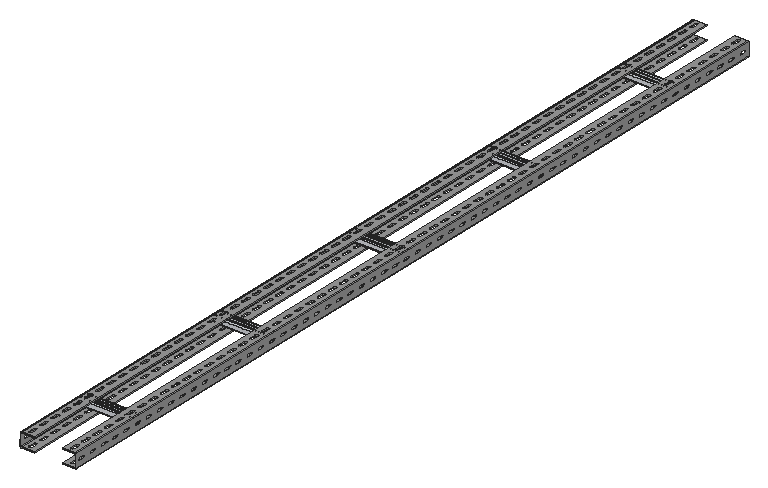
Revit family "steigeleiter_2_FT_FTSO_FTK_A2_A4.200rfa", category Generic Models, Revit 2017 (continued)
Dimensions and locks
  locked: Extrusion 318 sketch curve to Extrusion 318 sketch curve at 11
  locked: Extrusion 319 sketch curve to Extrusion 319 sketch curve at 11
  locked: Extrusion 320 sketch curve to Extrusion 320 sketch curve at 11
  locked: Extrusion 321 sketch curve to Extrusion 321 sketch curve at 11
  locked: Extrusion 322 sketch curve to Extrusion 322 sketch curve at 11
  locked: Extrusion 323 sketch curve to Extrusion 323 sketch curve at 11
  locked: Extrusion 324 sketch curve to Extrusion 324 sketch curve at 11
  locked: Extrusion 325 sketch curve to Extrusion 325 sketch curve at 11
  locked: Extrusion 326 sketch curve to Extrusion 326 sketch curve at 11
  locked: Extrusion 327 sketch curve to Extrusion 327 sketch curve at 11
  locked: Extrusion 328 sketch curve to Extrusion 328 sketch curve at 11
  locked: Extrusion 329 sketch curve to Extrusion 329 sketch curve at 11
  locked: Extrusion 330 sketch curve to Extrusion 330 sketch curve at 11
  locked: Extrusion 331 sketch curve to Extrusion 331 sketch curve at 11
  locked: Extrusion 332 sketch curve to Extrusion 332 sketch curve at 11
  locked: Extrusion 333 sketch curve to Extrusion 333 sketch curve at 11
  locked: Extrusion 334 sketch curve to Extrusion 334 sketch curve at 11
  locked: Extrusion 335 sketch curve to Extrusion 335 sketch curve at 11
  locked: Extrusion 336 sketch curve to Extrusion 336 sketch curve at 11
  locked: Extrusion 337 sketch curve to Extrusion 337 sketch curve at 11
  locked: Extrusion 338 sketch curve to Extrusion 338 sketch curve at 11
  locked: Extrusion 339 sketch curve to Extrusion 339 sketch curve at 11
  locked: Extrusion 340 sketch curve to Extrusion 340 sketch curve at 11
  locked: Extrusion 341 sketch curve to Extrusion 341 sketch curve at 11
  locked: Extrusion 342 sketch curve to Extrusion 342 sketch curve at 11
  locked: Extrusion 343 sketch curve to Extrusion 343 sketch curve at 11
  locked: Extrusion 344 sketch curve to Extrusion 344 sketch curve at 11
  locked: Extrusion 345 sketch curve to Extrusion 345 sketch curve at 11
  locked: Extrusion 346 sketch curve to Extrusion 346 sketch curve at 11
  locked: Extrusion 347 sketch curve to Extrusion 347 sketch curve at 11
  locked: Extrusion 348 sketch curve to Extrusion 348 sketch curve at 11
  locked: Extrusion 349 sketch curve to Extrusion 349 sketch curve at 11
  locked: Extrusion 350 sketch curve to Extrusion 350 sketch curve at 11
  locked: Extrusion 351 sketch curve to Extrusion 351 sketch curve at 11
  locked: Extrusion 352 sketch curve to Extrusion 352 sketch curve at 11
  locked: Extrusion 353 sketch curve to Extrusion 353 sketch curve at 11
  locked: Extrusion 354 sketch curve to Extrusion 354 sketch curve at 11
  locked: Extrusion 355 sketch curve to Extrusion 355 sketch curve at 11
  locked: Extrusion 356 sketch curve to Extrusion 356 sketch curve at 11
  locked: Extrusion 357 sketch curve to Extrusion 357 sketch curve at 11
  locked: Extrusion 358 sketch curve to Extrusion 358 sketch curve at 11
  locked: Extrusion 359 sketch curve to Extrusion 359 sketch curve at 11
  locked: Extrusion 360 sketch curve to Extrusion 360 sketch curve at 11
  locked: Extrusion 361 sketch curve to Extrusion 361 sketch curve at 11
  "Length 2": plane 1 "Center (Front/Back)" to plane 6
  locked: Extrusion 362 sketch curve to Extrusion 362 sketch curve at 2  (x5)
  locked: Extrusion 362 sketch curve to Extrusion 362 sketch curve at 36
  locked: Extrusion 362 to plane 6 at 9
  locked: plane 6 to Extrusion 362 at 9
  locked: Extrusion 362 sketch curve to Extrusion 362 sketch curve at 7  (x2)
  locked: Extrusion 363 sketch curve to Extrusion 363 sketch curve at 2  (x5)
  locked: Extrusion 363 sketch curve to Extrusion 363 sketch curve at 36
  locked: Extrusion 363 sketch curve to Extrusion 363 sketch curve at 7  (x2)
  equal spacing: group 361, group 362, group 363, group 364, group 365  (x3)
  locked: Extrusion 364 sketch curve to Extrusion 364 sketch curve at 2  (x5)
  locked: Extrusion 364 sketch curve to Extrusion 364 sketch curve at 36
  locked: Extrusion 364 sketch curve to Extrusion 364 sketch curve at 7  (x2)
  locked: Extrusion 365 sketch curve to Extrusion 365 sketch curve at 2  (x5)
  locked: Extrusion 365 sketch curve to Extrusion 365 sketch curve at 36
  locked: Extrusion 365 sketch curve to Extrusion 365 sketch curve at 7  (x2)
  locked: Extrusion 366 sketch curve to Extrusion 366 sketch curve at 2  (x5)
  locked: Extrusion 366 sketch curve to Extrusion 366 sketch curve at 36
  locked: Extrusion 366 sketch curve to Extrusion 366 sketch curve at 7  (x2)
  aligned and locked: level to plane 2
  aligned and locked: Extrusion 1 sketch curve to level
  aligned and locked: level to Extrusion 1 sketch curve
  aligned and locked: Extrusion 182 to level
  aligned and locked: Extrusion 242 to level
  aligned and locked: cut or joined group 1 (Extrusion 1, Extrusion 2, Extrusion 3, Extrusion 4, Extrusion 5, Extrusion 6, Extrusion 7, Extrusion 8, Extrusion 9, Extrusion 10, Extrusion 11, Extrusion 12, Extrusion 13, Extrusion 14, Extrusion 15, Extrusion 16, Extrusion 17, Extrusion 18, Extrusion 19, Extrusion 20, Extrusion 21, Extrusion 22, Extrusion 23, Extrusion 24, Extrusion 25, Extrusion 26, Extrusion 27, Extrusion 28, Extrusion 29, Extrusion 30, Extrusion 31, Extrusion 32, Extrusion 33, Extrusion 34, Extrusion 35, Extrusion 36, Extrusion 37, Extrusion 38, Extrusion 39, Extrusion 40, Extrusion 41, Extrusion 42, Extrusion 43, Extrusion 44, Extrusion 45, Extrusion 46, Extrusion 47, Extrusion 48, Extrusion 49, Extrusion 50, Extrusion 51, Extrusion 52, Extrusion 53, Extrusion 54, Extrusion 55, Extrusion 56, Extrusion 57, Extrusion 58, Extrusion 59, Extrusion 60, Extrusion 61, Extrusion 62, Extrusion 63, Extrusion 64, Extrusion 65, Extrusion 66, Extrusion 67, Extrusion 68, Extrusion 69, Extrusion 70, Extrusion 71, Extrusion 72, Extrusion 73, Extrusion 74, Extrusion 75, Extrusion 76, Extrusion 77, Extrusion 78, Extrusion 79, Extrusion 80, Extrusion 81, Extrusion 82, Extrusion 83, Extrusion 84, Extrusion 85, Extrusion 86, Extrusion 87, Extrusion 88, Extrusion 89, Extrusion 90, Extrusion 91, Extrusion 92, Extrusion 93, Extrusion 94, Extrusion 95, Extrusion 96, Extrusion 97, Extrusion 98, Extrusion 99, Extrusion 100, Extrusion 101, Extrusion 102, Extrusion 103, Extrusion 104, Extrusion 105, Extrusion 106, Extrusion 107, Extrusion 108, Extrusion 109, Extrusion 110, Extrusion 111, Extrusion 112, Extrusion 113, Extrusion 114, Extrusion 115, Extrusion 116, Extrusion 117, Extrusion 118, Extrusion 119, Extrusion 120, Extrusion 121, Extrusion 122, Extrusion 123, Extrusion 124, Extrusion 125, Extrusion 126, Extrusion 127, Extrusion 128, Extrusion 129, Extrusion 130, Extrusion 131, Extrusion 132, Extrusion 133, Extrusion 134, Extrusion 135, Extrusion 136, Extrusion 137, Extrusion 138, Extrusion 139, Extrusion 140, Extrusion 141, Extrusion 142, Extrusion 143, Extrusion 144, Extrusion 145, Extrusion 146, Extrusion 147, Extrusion 148, Extrusion 149, Extrusion 150, Extrusion 151, Extrusion 152, Extrusion 153, Extrusion 154, Extrusion 155, Extrusion 156, Extrusion 157, Extrusion 158, Extrusion 159, Extrusion 160, Extrusion 161, Extrusion 162, Extrusion 163, Extrusion 164, Extrusion 165, Extrusion 166, Extrusion 167, Extrusion 168, Extrusion 169, Extrusion 170, Extrusion 171, Extrusion 172, Extrusion 173, Extrusion 174, Extrusion 175, Extrusion 176, Extrusion 177, Extrusion 178, Extrusion 179, Extrusion 180, Extrusion 181, Extrusion 182, Extrusion 183, Extrusion 184, Extrusion 185, Extrusion 186, Extrusion 187, Extrusion 188, Extrusion 189, Extrusion 190, Extrusion 191, Extrusion 192, Extrusion 193, Extrusion 194, Extrusion 195, Extrusion 196, Extrusion 197, Extrusion 198, Extrusion 199, Extrusion 200, Extrusion 201, Extrusion 202, Extrusion 203, Extrusion 204, Extrusion 205, Extrusion 206, Extrusion 207, Extrusion 208, Extrusion 209, Extrusion 210, Extrusion 211, Extrusion 212, Extrusion 213, Extrusion 214, Extrusion 215, Extrusion 216, Extrusion 217, Extrusion 218, Extrusion 219, Extrusion 220, Extrusion 221, Extrusion 222, Extrusion 223, Extrusion 224, Extrusion 225, Extrusion 226, Extrusion 227, Extrusion 228, Extrusion 229, Extrusion 230, Extrusion 231, Extrusion 232, Extrusion 233, Extrusion 234, Extrusion 235, Extrusion 236, Extrusion 237, Extrusion 238, Extrusion 239, Extrusion 240, Extrusion 241, Extrusion 242, Extrusion 243, Extrusion 244, Extrusion 245, Extrusion 246, Extrusion 247, Extrusion 248, Extrusion 249, Extrusion 250, Extrusion 251, Extrusion 252, Extrusion 253, Extrusion 254, Extrusion 255, Extrusion 256, Extrusion 257, Extrusion 258, Extrusion 259, Extrusion 260, Extrusion 261, Extrusion 262, Extrusion 263, Extrusion 264, Extrusion 265, Extrusion 266, Extrusion 267, Extrusion 268, Extrusion 269, Extrusion 270, Extrusion 271, Extrusion 272, Extrusion 273, Extrusion 274, Extrusion 275, Extrusion 276, Extrusion 277, Extrusion 278, Extrusion 279, Extrusion 280, Extrusion 281, Extrusion 282, Extrusion 283, Extrusion 284, Extrusion 285, Extrusion 286, Extrusion 287, Extrusion 288, Extrusion 289, Extrusion 290, Extrusion 291, Extrusion 292, Extrusion 293, Extrusion 294, Extrusion 295, Extrusion 296, Extrusion 297, Extrusion 298, Extrusion 299, Extrusion 300, Extrusion 301, Extrusion 302, Extrusion 303, Extrusion 304, Extrusion 305, Extrusion 306, Extrusion 307, Extrusion 308, Extrusion 309, Extrusion 310, Extrusion 311, Extrusion 312, Extrusion 313, Extrusion 314, Extrusion 315, Extrusion 316, Extrusion 317, Extrusion 318, Extrusion 319, Extrusion 320, Extrusion 321, Extrusion 322, Extrusion 323, Extrusion 324, Extrusion 325, Extrusion 326, Extrusion 327, Extrusion 328, Extrusion 329, Extrusion 330, Extrusion 331, Extrusion 332, Extrusion 333, Extrusion 334, Extrusion 335, Extrusion 336, Extrusion 337, Extrusion 338, Extrusion 339, Extrusion 340, Extrusion 341, Extrusion 342, Extrusion 343, Extrusion 344, Extrusion 345, Extrusion 346, Extrusion 347, Extrusion 348, Extrusion 349, Extrusion 350, Extrusion 351, Extrusion 352, Extrusion 353, Extrusion 354, Extrusion 355, Extrusion 356, Extrusion 357, Extrusion 358, Extrusion 359, Extrusion 360, Extrusion 361) to cut or joined group of Extrusion 1, Extrusion 2, Extrusion 3, Extrusion 4, Extrusion 5, Extrusion 6, Extrusion 7, Extrusion 8, Extrusion 9, Extrusion 10, Extrusion 11, Extrusion 12, Extrusion 13, Extrusion 14, Extrusion 15, Extrusion 16, Extrusion 17, Extrusion 18, Extrusion 19, Extrusion 20, Extrusion 21, Extrusion 22, Extrusion 23, Extrusion 24, Extrusion 25, Extrusion 26, Extrusion 27, Extrusion 28, Extrusion 29, Extrusion 30, Extrusion 31, Extrusion 32, Extrusion 33, Extrusion 34, Extrusion 35, Extrusion 36, Extrusion 37, Extrusion 38, Extrusion 39, Extrusion 40, Extrusion 41, Extrusion 42, Extrusion 43, Extrusion 44, Extrusion 45, Extrusion 46, Extrusion 47, Extrusion 48, Extrusion 49, Extrusion 50, Extrusion 51, Extrusion 52, Extrusion 53, Extrusion 54, Extrusion 55, Extrusion 56, Extrusion 57, Extrusion 58, Extrusion 59, Extrusion 60, Extrusion 61, Extrusion 62, Extrusion 63, Extrusion 64, Extrusion 65, Extrusion 66, Extrusion 67, Extrusion 68, Extrusion 69, Extrusion 70, Extrusion 71, Extrusion 72, Extrusion 73, Extrusion 74, Extrusion 75, Extrusion 76, Extrusion 77, Extrusion 78, Extrusion 79, Extrusion 80, Extrusion 81, Extrusion 82, Extrusion 83, Extrusion 84, Extrusion 85, Extrusion 86, Extrusion 87, Extrusion 88, Extrusion 89, Extrusion 90, Extrusion 91, Extrusion 92, Extrusion 93, Extrusion 94, Extrusion 95, Extrusion 96, Extrusion 97, Extrusion 98, Extrusion 99, Extrusion 100, Extrusion 101, Extrusion 102, Extrusion 103, Extrusion 104, Extrusion 105, Extrusion 106, Extrusion 107, Extrusion 108, Extrusion 109, Extrusion 110, Extrusion 111, Extrusion 112, Extrusion 113, Extrusion 114, Extrusion 115, Extrusion 116, Extrusion 117, Extrusion 118, Extrusion 119, Extrusion 120, Extrusion 121, Extrusion 122, Extrusion 123, Extrusion 124, Extrusion 125, Extrusion 126, Extrusion 127, Extrusion 128, Extrusion 129, Extrusion 130, Extrusion 131, Extrusion 132, Extrusion 133, Extrusion 134, Extrusion 135, Extrusion 136, Extrusion 137, Extrusion 138, Extrusion 139, Extrusion 140, Extrusion 141, Extrusion 142, Extrusion 143, Extrusion 144, Extrusion 145, Extrusion 146, Extrusion 147, Extrusion 148, Extrusion 149, Extrusion 150, Extrusion 151, Extrusion 152, Extrusion 153, Extrusion 154, Extrusion 155, Extrusion 156, Extrusion 157, Extrusion 158, Extrusion 159, Extrusion 160, Extrusion 161, Extrusion 162, Extrusion 163, Extrusion 164, Extrusion 165, Extrusion 166, Extrusion 167, Extrusion 168, Extrusion 169, Extrusion 170, Extrusion 171, Extrusion 172, Extrusion 173, Extrusion 174, Extrusion 175, Extrusion 176, Extrusion 177, Extrusion 178, Extrusion 179, Extrusion 180, Extrusion 181, Extrusion 182, E
    xtrusion 183, Extrusion 184, Extrusion 185, Extrusion 186, Extrusion 187, Extrusion 188, Extrusion 189, Extrusion 190, Extrusion 191, Extrusion 192, Extrusion 193, Extrusion 194, Extrusion 195, Extrusion 196, Extrusion 197, Extrusion 198, Extrusion 199, Extrusion 200, Extrusion 201, Extrusion 202, Extrusion 203, Extrusion 204, Extrusion 205, Extrusion 206, Extrusion 207, Extrusion 208, Extrusion 209, Extrusion 210, Extrusion 211, Extrusion 212, Extrusion 213, Extrusion 214, Extrusion 215, Extrusion 216, Extrusion 217, Extrusion 218, Extrusion 219, Extrusion 220, Extrusion 221, Extrusion 222, Extrusion 223, Extrusion 224, Extrusion 225, Extrusion 226, Extrusion 227, Extrusion 228, Extrusion 229, Extrusion 230, Extrusion 231, Extrusion 232, Extrusion 233, Extrusion 234, Extrusion 235, Extrusion 236, Extrusion 237, Extrusion 238, Extrusion 239, Extrusion 240, Extrusion 241, Extrusion 242, Extrusion 243, Extrusion 244, Extrusion 245, Extrusion 246, Extrusion 247, Extrusion 248, Extrusion 249, Extrusion 250, Extrusion 251, Extrusion 252, Extrusion 253, Extrusion 254, Extrusion 255, Extrusion 256, Extrusion 257, Extrusion 258, Extrusion 259, Extrusion 260, Extrusion 261, Extrusion 262, Extrusion 263, Extrusion 264, Extrusion 265, Extrusion 266, Extrusion 267, Extrusion 268, Extrusion 269, Extrusion 270, Extrusion 271, Extrusion 272, Extrusion 273, Extrusion 274, Extrusion 275, Extrusion 276, Extrusion 277, Extrusion 278, Extrusion 279, Extrusion 280, Extrusion 281, Extrusion 282, Extrusion 283, Extrusion 284, Extrusion 285, Extrusion 286, Extrusion 287, Extrusion 288, Extrusion 289, Extrusion 290, Extrusion 291, Extrusion 292, Extrusion 293, Extrusion 294, Extrusion 295, Extrusion 296, Extrusion 297, Extrusion 298, Extrusion 299, Extrusion 300, Extrusion 301, Extrusion 302, Extrusion 303, Extrusion 304, Extrusion 305, Extrusion 306, Extrusion 307, Extrusion 308, Extrusion 309, Extrusion 310, Extrusion 311, Extrusion 312, Extrusion 313, Extrusion 314, Extrusion 315, Extrusion 316, Extrusion 317, Extrusion 318, Extrusion 319, Extrusion 320, Extrusion 321, Extrusion 322, Extrusion 323, Extrusion 324, Extrusion 325, Extrusion 326, Extrusion 327, Extrusion 328, Extrusion 329, Extrusion 330, Extrusion 331, Extrusion 332, Extrusion 333, Extrusion 334, Extrusion 335, Extrusion 336, Extrusion 337, Extrusion 338, Extrusion 339, Extrusion 340, Extrusion 341, Extrusion 342, Extrusion 343, Extrusion 344, Extrusion 345, Extrusion 346, Extrusion 347, Extrusion 348, Extrusion 349, Extrusion 350, Extrusion 351, Extrusion 352, Extrusion 353, Extrusion 354, Extrusion 355, Extrusion 356, Extrusion 357, Extrusion 358, Extrusion 359, Extrusion 360, Extrusion 361  (x17)
  aligned and locked: Extrusion 362 to cut or joined group 1  (x2)
  aligned and locked: Extrusion 365 to cut or joined group 1  (x2)
  aligned and locked: Extrusion 364 to cut or joined group 1  (x2)
  aligned and locked: Extrusion 366 to cut or joined group 1  (x2)
  aligned and locked: cut or joined group 1 to Extrusion 364  (x2)
Automatic sketch dimensions
  Extrusion 1 sketch curve to Extrusion 1 sketch curve = 1.5 mm  (x3)
  Extrusion 1 sketch curve to Extrusion 1 sketch curve = 1.57 mm
  Extrusion 1 sketch curve to Extrusion 1 sketch curve = 0.237 mm
  Extrusion 1 sketch curve to Extrusion 1 sketch curve = 1.392 mm
  Extrusion 1 sketch curve to Extrusion 1 sketch curve = 0 mm  (x2)
  Extrusion 1 sketch curve to plane 3 "Center (Left/Right)" = 50 mm
  plane 3 "Center (Left/Right)" to Extrusion 1 sketch curve = 50.551 mm
  Extrusion 61 sketch curve to Extrusion 61 sketch curve = 19 mm
  Extrusion 2 sketch curve to Extrusion 2 sketch curve = 19 mm
  Extrusion 3 sketch curve to Extrusion 3 sketch curve = 19 mm
  Extrusion 4 sketch curve to Extrusion 4 sketch curve = 19 mm
  Extrusion 5 sketch curve to Extrusion 5 sketch curve = 19 mm
  Extrusion 6 sketch curve to Extrusion 6 sketch curve = 19 mm
  Extrusion 7 sketch curve to Extrusion 7 sketch curve = 19 mm
  Extrusion 8 sketch curve to Extrusion 8 sketch curve = 19 mm
  Extrusion 9 sketch curve to Extrusion 9 sketch curve = 19 mm
  Extrusion 10 sketch curve to Extrusion 10 sketch curve = 19 mm
  Extrusion 11 sketch curve to Extrusion 11 sketch curve = 19 mm
  Extrusion 12 sketch curve to Extrusion 12 sketch curve = 19 mm
  Extrusion 13 sketch curve to Extrusion 13 sketch curve = 19 mm
  Extrusion 14 sketch curve to Extrusion 14 sketch curve = 19 mm
  Extrusion 15 sketch curve to Extrusion 15 sketch curve = 19 mm
  Extrusion 16 sketch curve to Extrusion 16 sketch curve = 19 mm
  Extrusion 17 sketch curve to Extrusion 17 sketch curve = 19 mm
  Extrusion 18 sketch curve to Extrusion 18 sketch curve = 19 mm
  Extrusion 19 sketch curve to Extrusion 19 sketch curve = 19 mm
  Extrusion 20 sketch curve to Extrusion 20 sketch curve = 19 mm
  Extrusion 21 sketch curve to Extrusion 21 sketch curve = 19 mm
  Extrusion 22 sketch curve to Extrusion 22 sketch curve = 19 mm
  Extrusion 23 sketch curve to Extrusion 23 sketch curve = 19 mm
  Extrusion 24 sketch curve to Extrusion 24 sketch curve = 19 mm
  Extrusion 25 sketch curve to Extrusion 25 sketch curve = 19 mm
  Extrusion 26 sketch curve to Extrusion 26 sketch curve = 19 mm
  Extrusion 27 sketch curve to Extrusion 27 sketch curve = 19 mm
  Extrusion 28 sketch curve to Extrusion 28 sketch curve = 19 mm
  Extrusion 29 sketch curve to Extrusion 29 sketch curve = 19 mm
  Extrusion 30 sketch curve to Extrusion 30 sketch curve = 19 mm
  Extrusion 31 sketch curve to Extrusion 31 sketch curve = 19 mm
  Extrusion 32 sketch curve to Extrusion 32 sketch curve = 19 mm
  Extrusion 33 sketch curve to Extrusion 33 sketch curve = 19 mm
  Extrusion 34 sketch curve to Extrusion 34 sketch curve = 19 mm
  Extrusion 35 sketch curve to Extrusion 35 sketch curve = 19 mm
  Extrusion 36 sketch curve to Extrusion 36 sketch curve = 19 mm
  Extrusion 37 sketch curve to Extrusion 37 sketch curve = 19 mm
  Extrusion 38 sketch curve to Extrusion 38 sketch curve = 19 mm
  Extrusion 39 sketch curve to Extrusion 39 sketch curve = 19 mm
  Extrusion 40 sketch curve to Extrusion 40 sketch curve = 19 mm
  Extrusion 41 sketch curve to Extrusion 41 sketch curve = 19 mm
  Extrusion 42 sketch curve to Extrusion 42 sketch curve = 19 mm
  Extrusion 43 sketch curve to Extrusion 43 sketch curve = 19 mm
  Extrusion 44 sketch curve to Extrusion 44 sketch curve = 19 mm
  Extrusion 45 sketch curve to Extrusion 45 sketch curve = 19 mm
  Extrusion 46 sketch curve to Extrusion 46 sketch curve = 19 mm
  Extrusion 47 sketch curve to Extrusion 47 sketch curve = 19 mm
  Extrusion 48 sketch curve to Extrusion 48 sketch curve = 19 mm
  Extrusion 49 sketch curve to Extrusion 49 sketch curve = 19 mm
  Extrusion 50 sketch curve to Extrusion 50 sketch curve = 19 mm
  Extrusion 51 sketch curve to Extrusion 51 sketch curve = 19 mm
  Extrusion 52 sketch curve to Extrusion 52 sketch curve = 19 mm
  Extrusion 53 sketch curve to Extrusion 53 sketch curve = 19 mm
  Extrusion 54 sketch curve to Extrusion 54 sketch curve = 19 mm
  Extrusion 55 sketch curve to Extrusion 55 sketch curve = 19 mm
  Extrusion 56 sketch curve to Extrusion 56 sketch curve = 19 mm
  Extrusion 57 sketch curve to Extrusion 57 sketch curve = 19 mm
  Extrusion 58 sketch curve to Extrusion 58 sketch curve = 19 mm
  Extrusion 59 sketch curve to Extrusion 59 sketch curve = 19 mm
  Extrusion 60 sketch curve to Extrusion 60 sketch curve = 19 mm
  Extrusion 62 sketch curve to Extrusion 62 sketch curve = 19 mm
  Extrusion 63 sketch curve to Extrusion 63 sketch curve = 19 mm
  Extrusion 64 sketch curve to Extrusion 64 sketch curve = 19 mm
  Extrusion 65 sketch curve to Extrusion 65 sketch curve = 19 mm
  Extrusion 66 sketch curve to Extrusion 66 sketch curve = 19 mm
  Extrusion 67 sketch curve to Extrusion 67 sketch curve = 19 mm
  Extrusion 68 sketch curve to Extrusion 68 sketch curve = 19 mm
  Extrusion 69 sketch curve to Extrusion 69 sketch curve = 19 mm
  Extrusion 70 sketch curve to Extrusion 70 sketch curve = 19 mm
  Extrusion 71 sketch curve to Extrusion 71 sketch curve = 19 mm
  Extrusion 72 sketch curve to Extrusion 72 sketch curve = 19 mm
  Extrusion 73 sketch curve to Extrusion 73 sketch curve = 19 mm
  Extrusion 74 sketch curve to Extrusion 74 sketch curve = 19 mm
  Extrusion 75 sketch curve to Extrusion 75 sketch curve = 19 mm
  Extrusion 76 sketch curve to Extrusion 76 sketch curve = 19 mm
  Extrusion 77 sketch curve to Extrusion 77 sketch curve = 19 mm
  Extrusion 78 sketch curve to Extrusion 78 sketch curve = 19 mm
  Extrusion 79 sketch curve to Extrusion 79 sketch curve = 19 mm
  Extrusion 80 sketch curve to Extrusion 80 sketch curve = 19 mm
  Extrusion 81 sketch curve to Extrusion 81 sketch curve = 19 mm
  Extrusion 82 sketch curve to Extrusion 82 sketch curve = 19 mm
  Extrusion 83 sketch curve to Extrusion 83 sketch curve = 19 mm
  Extrusion 84 sketch curve to Extrusion 84 sketch curve = 19 mm
  Extrusion 85 sketch curve to Extrusion 85 sketch curve = 19 mm
  Extrusion 86 sketch curve to Extrusion 86 sketch curve = 19 mm
  Extrusion 87 sketch curve to Extrusion 87 sketch curve = 19 mm
  Extrusion 88 sketch curve to Extrusion 88 sketch curve = 19 mm
  Extrusion 89 sketch curve to Extrusion 89 sketch curve = 19 mm
  Extrusion 90 sketch curve to Extrusion 90 sketch curve = 19 mm
  Extrusion 91 sketch curve to Extrusion 91 sketch curve = 19 mm
  Extrusion 92 sketch curve to Extrusion 92 sketch curve = 19 mm
  Extrusion 93 sketch curve to Extrusion 93 sketch curve = 19 mm
  Extrusion 94 sketch curve to Extrusion 94 sketch curve = 19 mm
  Extrusion 95 sketch curve to Extrusion 95 sketch curve = 19 mm
  Extrusion 96 sketch curve to Extrusion 96 sketch curve = 19 mm
  Extrusion 97 sketch curve to Extrusion 97 sketch curve = 19 mm
  Extrusion 98 sketch curve to Extrusion 98 sketch curve = 19 mm
  Extrusion 99 sketch curve to Extrusion 99 sketch curve = 19 mm
  Extrusion 100 sketch curve to Extrusion 100 sketch curve = 19 mm
  Extrusion 101 sketch curve to Extrusion 101 sketch curve = 19 mm
  Extrusion 102 sketch curve to Extrusion 102 sketch curve = 19 mm
  Extrusion 103 sketch curve to Extrusion 103 sketch curve = 19 mm
  Extrusion 104 sketch curve to Extrusion 104 sketch curve = 19 mm
  Extrusion 105 sketch curve to Extrusion 105 sketch curve = 19 mm
  Extrusion 106 sketch curve to Extrusion 106 sketch curve = 19 mm
  Extrusion 107 sketch curve to Extrusion 107 sketch curve = 19 mm
  Extrusion 108 sketch curve to Extrusion 108 sketch curve = 19 mm
  Extrusion 109 sketch curve to Extrusion 109 sketch curve = 19 mm
  Extrusion 110 sketch curve to Extrusion 110 sketch curve = 19 mm
  Extrusion 111 sketch curve to Extrusion 111 sketch curve = 19 mm
  Extrusion 112 sketch curve to Extrusion 112 sketch curve = 19 mm
  Extrusion 113 sketch curve to Extrusion 113 sketch curve = 19 mm
  Extrusion 114 sketch curve to Extrusion 114 sketch curve = 19 mm
  Extrusion 115 sketch curve to Extrusion 115 sketch curve = 19 mm
  Extrusion 116 sketch curve to Extrusion 116 sketch curve = 19 mm
  Extrusion 117 sketch curve to Extrusion 117 sketch curve = 19 mm
  Extrusion 118 sketch curve to Extrusion 118 sketch curve = 19 mm
  Extrusion 119 sketch curve to Extrusion 119 sketch curve = 19 mm
  Extrusion 120 sketch curve to Extrusion 120 sketch curve = 19 mm
  Extrusion 121 sketch curve to Extrusion 121 sketch curve = 19 mm
  Extrusion 122 sketch curve to Extrusion 122 sketch curve = 19 mm
  Extrusion 123 sketch curve to Extrusion 123 sketch curve = 19 mm
  Extrusion 124 sketch curve to Extrusion 124 sketch curve = 19 mm
  Extrusion 125 sketch curve to Extrusion 125 sketch curve = 19 mm
  Extrusion 126 sketch curve to Extrusion 126 sketch curve = 19 mm
  Extrusion 127 sketch curve to Extrusion 127 sketch curve = 19 mm
  Extrusion 128 sketch curve to Extrusion 128 sketch curve = 19 mm
  Extrusion 129 sketch curve to Extrusion 129 sketch curve = 19 mm
  Extrusion 130 sketch curve to Extrusion 130 sketch curve = 19 mm
  Extrusion 131 sketch curve to Extrusion 131 sketch curve = 19 mm
  Extrusion 132 sketch curve to Extrusion 132 sketch curve = 19 mm
  Extrusion 133 sketch curve to Extrusion 133 sketch curve = 19 mm
  Extrusion 134 sketch curve to Extrusion 134 sketch curve = 19 mm
  Extrusion 135 sketch curve to Extrusion 135 sketch curve = 19 mm
  Extrusion 136 sketch curve to Extrusion 136 sketch curve = 19 mm
  Extrusion 137 sketch curve to Extrusion 137 sketch curve = 19 mm
  Extrusion 138 sketch curve to Extrusion 138 sketch curve = 19 mm
  Extrusion 139 sketch curve to Extrusion 139 sketch curve = 19 mm
  Extrusion 140 sketch curve to Extrusion 140 sketch curve = 19 mm
  Extrusion 141 sketch curve to Extrusion 141 sketch curve = 19 mm
  Extrusion 142 sketch curve to Extrusion 142 sketch curve = 19 mm
  Extrusion 143 sketch curve to Extrusion 143 sketch curve = 19 mm
  Extrusion 144 sketch curve to Extrusion 144 sketch curve = 19 mm
  Extrusion 145 sketch curve to Extrusion 145 sketch curve = 19 mm
  Extrusion 146 sketch curve to Extrusion 146 sketch curve = 19 mm
  Extrusion 147 sketch curve to Extrusion 147 sketch curve = 19 mm
  Extrusion 148 sketch curve to Extrusion 148 sketch curve = 19 mm
  Extrusion 149 sketch curve to Extrusion 149 sketch curve = 19 mm
  Extrusion 150 sketch curve to Extrusion 150 sketch curve = 19 mm
  Extrusion 151 sketch curve to Extrusion 151 sketch curve = 19 mm
  Extrusion 152 sketch curve to Extrusion 152 sketch curve = 19 mm
  Extrusion 153 sketch curve to Extrusion 153 sketch curve = 19 mm
  Extrusion 154 sketch curve to Extrusion 154 sketch curve = 19 mm
  Extrusion 155 sketch curve to Extrusion 155 sketch curve = 19 mm
  Extrusion 156 sketch curve to Extrusion 156 sketch curve = 19 mm
  Extrusion 157 sketch curve to Extrusion 157 sketch curve = 19 mm
  Extrusion 158 sketch curve to Extrusion 158 sketch curve = 19 mm
  Extrusion 159 sketch curve to Extrusion 159 sketch curve = 19 mm
  Extrusion 160 sketch curve to Extrusion 160 sketch curve = 19 mm
  Extrusion 161 sketch curve to Extrusion 161 sketch curve = 19 mm
  Extrusion 162 sketch curve to Extrusion 162 sketch curve = 19 mm
  Extrusion 163 sketch curve to Extrusion 163 sketch curve = 19 mm
  Extrusion 164 sketch curve to Extrusion 164 sketch curve = 19 mm
  Extrusion 165 sketch curve to Extrusion 165 sketch curve = 19 mm
  Extrusion 166 sketch curve to Extrusion 166 sketch curve = 19 mm
  Extrusion 167 sketch curve to Extrusion 167 sketch curve = 19 mm
  Extrusion 168 sketch curve to Extrusion 168 sketch curve = 19 mm
  Extrusion 169 sketch curve to Extrusion 169 sketch curve = 19 mm
  Extrusion 170 sketch curve to Extrusion 170 sketch curve = 19 mm
  Extrusion 171 sketch curve to Extrusion 171 sketch curve = 19 mm
  Extrusion 172 sketch curve to Extrusion 172 sketch curve = 19 mm
  Extrusion 173 sketch curve to Extrusion 173 sketch curve = 19 mm
  Extrusion 174 sketch curve to Extrusion 174 sketch curve = 19 mm
  Extrusion 175 sketch curve to Extrusion 175 sketch curve = 19 mm
  Extrusion 176 sketch curve to Extrusion 176 sketch curve = 19 mm
  Extrusion 177 sketch curve to Extrusion 177 sketch curve = 19 mm
  Extrusion 178 sketch curve to Extrusion 178 sketch curve = 19 mm
  Extrusion 179 sketch curve to Extrusion 179 sketch curve = 19 mm
  Extrusion 180 sketch curve to Extrusion 180 sketch curve = 19 mm
  Extrusion 181 sketch curve to Extrusion 181 sketch curve = 19 mm
  Extrusion 182 sketch curve to Extrusion 182 sketch curve = 19 mm
  Extrusion 183 sketch curve to Extrusion 183 sketch curve = 19 mm
  Extrusion 184 sketch curve to Extrusion 184 sketch curve = 19 mm
  Extrusion 185 sketch curve to Extrusion 185 sketch curve = 19 mm
  Extrusion 186 sketch curve to Extrusion 186 sketch curve = 19 mm
  Extrusion 187 sketch curve to Extrusion 187 sketch curve = 19 mm
  Extrusion 188 sketch curve to Extrusion 188 sketch curve = 19 mm
  Extrusion 189 sketch curve to Extrusion 189 sketch curve = 19 mm
  Extrusion 190 sketch curve to Extrusion 190 sketch curve = 19 mm
  Extrusion 191 sketch curve to Extrusion 191 sketch curve = 19 mm
  Extrusion 192 sketch curve to Extrusion 192 sketch curve = 19 mm
  Extrusion 193 sketch curve to Extrusion 193 sketch curve = 19 mm
  Extrusion 194 sketch curve to Extrusion 194 sketch curve = 19 mm
  Extrusion 195 sketch curve to Extrusion 195 sketch curve = 19 mm
  Extrusion 196 sketch curve to Extrusion 196 sketch curve = 19 mm
  Extrusion 197 sketch curve to Extrusion 197 sketch curve = 19 mm
  Extrusion 198 sketch curve to Extrusion 198 sketch curve = 19 mm
  Extrusion 199 sketch curve to Extrusion 199 sketch curve = 19 mm
  Extrusion 200 sketch curve to Extrusion 200 sketch curve = 19 mm
  Extrusion 201 sketch curve to Extrusion 201 sketch curve = 19 mm
  Extrusion 202 sketch curve to Extrusion 202 sketch curve = 19 mm
  Extrusion 203 sketch curve to Extrusion 203 sketch curve = 19 mm
  Extrusion 204 sketch curve to Extrusion 204 sketch curve = 19 mm
  Extrusion 205 sketch curve to Extrusion 205 sketch curve = 19 mm
  Extrusion 206 sketch curve to Extrusion 206 sketch curve = 19 mm
  Extrusion 207 sketch curve to Extrusion 207 sketch curve = 19 mm
  Extrusion 208 sketch curve to Extrusion 208 sketch curve = 19 mm
  Extrusion 209 sketch curve to Extrusion 209 sketch curve = 19 mm
  Extrusion 210 sketch curve to Extrusion 210 sketch curve = 19 mm
  Extrusion 211 sketch curve to Extrusion 211 sketch curve = 19 mm
  Extrusion 212 sketch curve to Extrusion 212 sketch curve = 19 mm
  Extrusion 213 sketch curve to Extrusion 213 sketch curve = 19 mm
  Extrusion 214 sketch curve to Extrusion 214 sketch curve = 19 mm
  Extrusion 215 sketch curve to Extrusion 215 sketch curve = 19 mm
  Extrusion 216 sketch curve to Extrusion 216 sketch curve = 19 mm
  Extrusion 217 sketch curve to Extrusion 217 sketch curve = 19 mm
  Extrusion 218 sketch curve to Extrusion 218 sketch curve = 19 mm
  Extrusion 219 sketch curve to Extrusion 219 sketch curve = 19 mm
  Extrusion 220 sketch curve to Extrusion 220 sketch curve = 19 mm
  Extrusion 221 sketch curve to Extrusion 221 sketch curve = 19 mm
  Extrusion 222 sketch curve to Extrusion 222 sketch curve = 19 mm
  Extrusion 223 sketch curve to Extrusion 223 sketch curve = 19 mm
  Extrusion 224 sketch curve to Extrusion 224 sketch curve = 19 mm
  Extrusion 225 sketch curve to Extrusion 225 sketch curve = 19 mm
  Extrusion 226 sketch curve to Extrusion 226 sketch curve = 19 mm
  Extrusion 227 sketch curve to Extrusion 227 sketch curve = 19 mm
  Extrusion 228 sketch curve to Extrusion 228 sketch curve = 19 mm
  Extrusion 229 sketch curve to Extrusion 229 sketch curve = 19 mm
  Extrusion 230 sketch curve to Extrusion 230 sketch curve = 19 mm
  Extrusion 231 sketch curve to Extrusion 231 sketch curve = 19 mm
  Extrusion 232 sketch curve to Extrusion 232 sketch curve = 19 mm
